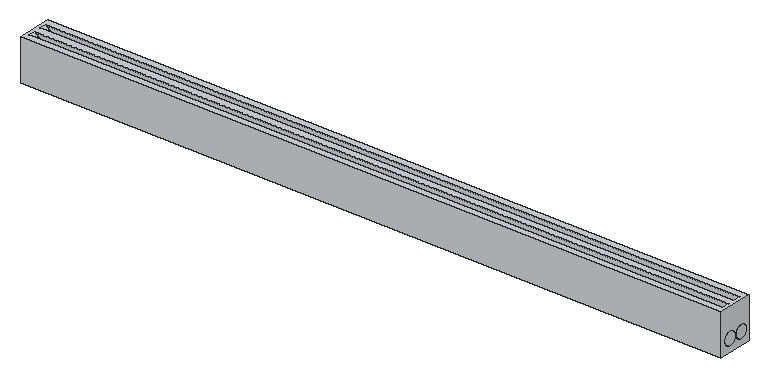
Revit family "SL03", category Mechanical Equipment, Revit 2017
Family settings
  Round Connector Dimension = Use Diameter
  Part Type = Normal
  OmniClass Number = 23.75.00.00
  OmniClass Title = Climate Control (HVAC)
  Work Plane-Based = No
  Always vertical = Yes
  Cut with Voids When Loaded = No
  Shared = No
  Room Calculation Point = No
Parameters
  Width = 59 mm
  Length = 1200 mm
  Height = 200 mm
Reference planes
  plane 1 "Center (Front/Back)": y = 0
  plane 2: z = 0
  plane 3 "Center (Left/Right)": x = 0
  plane 4: x = 0
  plane 5: x = -600
  plane 6: x = 600
  plane 7: x = -595
  plane 8: x = -580
  plane 9: x = 595
  plane 10: x = 580
  plane 11: x = 597
  plane 12: x = -597
  plane 13: z = 270
  plane 14: z = 255
  plane 15: z = 215
  plane 16: z = 200
  plane 17: y = -3
  plane 18: y = -59
  plane 19: y = -56
  plane 20: y = -41
  plane 21: y = -18
  plane 22: x = -530
  plane 23: x = 530
  plane 24: x = -533
  plane 25: x = 533
  plane 26 "Center": y = -29.5
Forms (mm)
  Extrusion 1, solid
    sketch origin (0, 0, 0) x (1, 0, 0) y (0, 0, 1)
      loop
        line (-600, 270) -> (-600, 200) -> (-595, 200) -> (-580, 215) -> (-580, 255) -> (-595, 270) -> (-600, 270)
      loop
        line (600, 270) -> (595, 270) -> (580, 255) -> (580, 215) -> (595, 200) -> (600, 200) -> (600, 270)
    from 0 to 59
  Extrusion 2, solid
    sketch origin (0, 0, 0) x (1, 0, 0) y (0, 1, 0)
      loop
        line (-595, 0) -> (-595, -11) -> (595, -11) -> (595, 0) -> (-595, 0)
    from 200 to 270
  Extrusion 3, solid
    sketch origin (0, -24, 0) x (1, 0, 0) y (0, 1, 0)
      loop
        line (-595, 0) -> (-595, -11) -> (595, -11) -> (595, 0) -> (-595, 0)
    from 200 to 270
  Extrusion 4, solid
    sketch origin (0, -48, 0) x (1, 0, 0) y (0, 1, 0)
      loop
        line (-595, 0) -> (-595, -11) -> (595, -11) -> (595, 0) -> (-595, 0)
    from 200 to 270
  Extrusion 5, solid
    sketch origin (0, 0, 0) x (0, 1, 0) y (0, 0, 1)
      loop
        circle (-17.5, 222) r 10.5
      loop
        circle (-41.5, 222) r 10.5
    from -600 to -602
  Extrusion 6, solid
    sketch origin (0, 0, 0) x (0, 1, 0) y (0, 0, -1)
      loop
        circle (-17.5, -222) r 10.5
      loop
        circle (-41.5, -222) r 10.5
    from -600 to -602
Cuts and joins
  joined: Extrusion 1, Extrusion 2, Extrusion 3, Extrusion 4
Dimensions and locks
  equal spacing: plane 5, plane 4, plane 6
  "Length": plane 5 to plane 6
  locked: plane 7 to plane 8 at 15
  locked: plane 5 to plane 7 at 5
  locked: plane 9 to plane 10 at 15
  locked: plane 6 to plane 9 at 5
  locked: plane 11 to plane 6 at 3
  locked: plane 5 to plane 12 at 3
  "Height": plane 16 to level
  locked: plane 13 to plane 14 at 15
  locked: plane 13 to plane 16 at 70
  locked: plane 15 to plane 16 at 15
  "Width": plane 18 to plane 1 "Center (Front/Back)"
  locked: plane 23 to plane 6 at 70
  locked: plane 17 to plane 1 "Center (Front/Back)" at 3
  locked: plane 19 to plane 18 at 3
  locked: plane 21 to plane 1 "Center (Front/Back)" at 18
  locked: plane 20 to plane 18 at 18
  locked: plane 24 to plane 22 at 3
  locked: plane 23 to plane 25 at 3
  Extrusion 2 sketch curve to Extrusion 2 sketch curve = 11 mm
  Extrusion 3 sketch curve to Extrusion 3 sketch curve = 11 mm
  Extrusion 4 sketch curve to Extrusion 4 sketch curve = 11 mm
  locked: plane 5 to plane 22 at 70
  equal spacing: plane 18, plane 26 "Center", plane 1 "Center (Front/Back)"
  locked: Extrusion 2 to Extrusion 2 at 11
  locked: Extrusion 3 to Extrusion 2 at 13
  plane 21 to Extrusion 3 to Extrusion 3 = 6 mm locked, 11 mm locked
  locked: Extrusion 4 to Extrusion 3 at 13
  locked: Extrusion 4 to Extrusion 4 at 11
  locked: plane 1 "Center (Front/Back)" to Extrusion 5 sketch curve at 17.5
  Extrusion 5 sketch curve to plane 16 = 22 mm
  locked: Extrusion 5 sketch curve to plane 18 at 17.5
  locked: Extrusion 5 sketch curve to plane 16 at 22
  locked: plane 5 to Extrusion 5 at 2
  locked: plane 6 to Extrusion 6 at 2
  aligned and locked: level to plane 2
  aligned and locked: plane 5 to Extrusion 1 sketch curve
  aligned and locked: Extrusion 1 sketch curve to plane 8
  aligned and locked: plane 16 to Extrusion 1 sketch curve
  aligned and locked: Extrusion 1 sketch curve to plane 13
  aligned and locked: Extrusion 1 sketch curve to plane 6
  aligned and locked: plane 13 to Extrusion 1 sketch curve
  aligned and locked: plane 10 to Extrusion 1 sketch curve
  aligned and locked: Extrusion 1 sketch curve to plane 16
  aligned and locked: plane 13 to Extrusion 2
  aligned and locked: Extrusion 2 to plane 16
  aligned and locked: Extrusion 4 to plane 9
  aligned and locked: Extrusion 3 to plane 9
  aligned and locked: Extrusion 2 to plane 9
  aligned and locked: plane 13 to Extrusion 4
  aligned and locked: plane 13 to Extrusion 3
  aligned and locked: Extrusion 4 to plane 16
  aligned and locked: Extrusion 3 to plane 16
  aligned and locked: Extrusion 1 to plane 18
  aligned and locked: plane 6 to Extrusion 6
  aligned and locked: plane 5 to Extrusion 5
Automatic sketch dimensions
  Extrusion 1 sketch curve to plane 7 = 0 mm  (x2)
  plane 9 to Extrusion 1 sketch curve = 0 mm  (x2)
  Extrusion 1 sketch curve to plane 15 = 0 mm  (x2)
  Extrusion 1 sketch curve to plane 14 = 0 mm  (x2)
  plane 1 "Center (Front/Back)" to Extrusion 2 sketch curve = 0 mm
  Extrusion 2 sketch curve to plane 7 = 0 mm
  Extrusion 2 sketch curve to plane 9 = 0 mm
  Extrusion 3 sketch curve to plane 7 = 0 mm
  Extrusion 3 sketch curve to plane 9 = 0 mm
  Extrusion 3 sketch curve to plane 21 = 17 mm
  Extrusion 4 sketch curve to plane 7 = 0 mm
  Extrusion 4 sketch curve to plane 9 = 0 mm
  Extrusion 4 sketch curve to plane 21 = 41 mm
  Extrusion 6 sketch curve to plane 20 = 0.5 mm
  plane 21 to Extrusion 6 sketch curve = 0.5 mm
  Extrusion 6 sketch curve to plane 15 = 7 mm  (x2)
  radius of Extrusion 5 sketch curve = 10.5 mm  (x2)
  radius of Extrusion 6 sketch curve = 10.5 mm  (x2)
